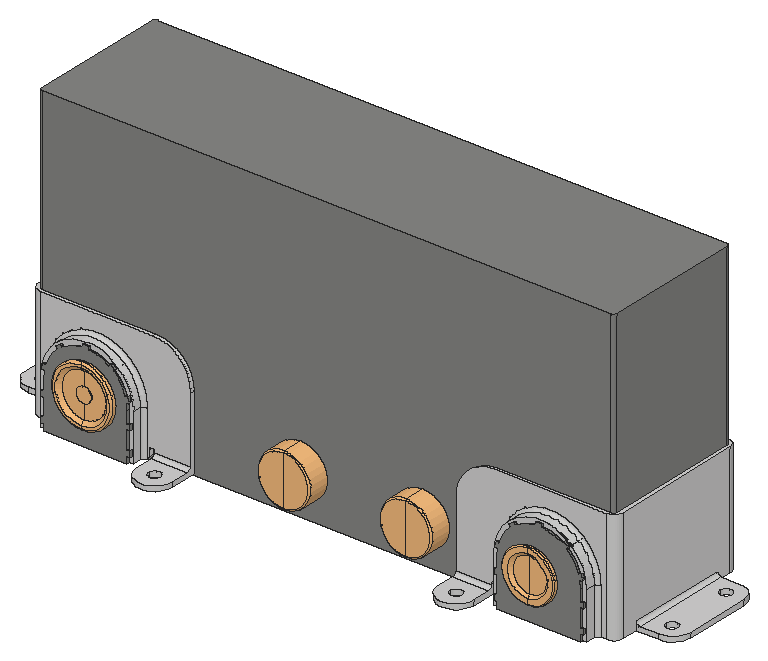
Revit family "Valve-Three_Outlet_Thermostatic-KOHLER-K-26341T_1", category Plumbing Fixtures, host Face, Revit 2017
Family settings
  Host = Face
  Round Connector Dimension = Use Diameter
  Part Type = Normal
  OmniClass Number = 23.27.31.00
  OmniClass Title = Valves
  Cut with Voids When Loaded = No
  Shared = No
  Room Calculation Point = No
Parameters (values of type "NA-Not Applicable")
  Width = 13 245/256"  # constant formula
  WaterSense Certified = 1 = 0  # no
  Waste Connection = 1 = 0  # no
  Vent Connection = 1 = 0  # no
  Tempered Water Outlet Connector Up 3 [instance] = yes
  Tempered Water Outlet Connector Up 2 [instance] = yes
  Tempered Water Outlet Connector Up1 [instance] = yes
  Tempered Water Outlet 3 = "Tempered Water Outlet 3"  # constant formula
  Tempered Water Outlet 2 = "Tempered Water Outlet 2"  # constant formula
  Tempered Water Outlet 1 = "Tempered Water Outlet 1"  # constant formula
  URL = "http://www.kohler.com.cn/"
  Type = 1
  Product Page URL = ""
  Product Name = ""
  Product Documentation Link = ""
  Pressure = 0.00 psi
  Model = "K-26341T-NA"  # constant formula
  Material = "Plastic"  # constant formula
  Master Format 2014 Name = "Control Valves"  # constant formula
  Master Format 2014 = "23 09 13.33"  # constant formula
  Manufacturer Address = "Kohler Beijing Office (100016) 36-2-03-B, No. 88, Liuxiang Road, Beijing"  # constant formula
  Manufacturer = "KOHLER Co."  # constant formula
  Length = 6 13/128"  # constant formula
  Hot Water Inlet = "Hot Water Inlet"  # constant formula
  Height = 4 113/128"  # constant formula
  HW Connection = 1 = 1  # yes
  Flow Rate = 1.75 GPM  # constant formula
  Finish = Kohler-Plastic-58-Thunder_Grey
  Environmental Product Declaration = ""
  Description = "Recessed thermostatic valve-3-outlet"  # constant formula
  Default Elevation = 42"
  Declare Label = ""
  Date Modified = "02/10/2021"  # constant formula
  Date Created = "02/10/2021"  # constant formula
  Copyright = "Copyright KOHLER Co."  # constant formula
  Contact Us = "http://www.kohler.com.cn/contact/contact-us/"
  Cold Water Inlet = "Cold Water Inlet"  # constant formula
  CW Connection = 1 = 1  # yes
  Tempered Water Outlet Connector Down 3 [instance] = not(Tempered Water Outlet Connector Up 3)  # no
  Tempered Water Outlet Connector Down 2 [instance] = not(Tempered Water Outlet Connector Up 2)  # no
  Tempered Water Outlet Connector Down 1 [instance] = not(Tempered Water Outlet Connector Up1)  # no
  Assembly Code = "D2020"
  ADA Compliant = 1 = 0  # no
Reference planes (in)
  plane 1 "Center (Front/Back)": y = 0
  plane 2: z = 0
  plane 3 "Center (Left/Right)": x = 0
  plane 4: y = 2.44094
  plane 5: y = -2.44188
  plane 6: y = 1.98819
  plane 7: y = -1.98819
  plane 8: z = 0
  plane 9: z = -5.21654
  plane 10: z = -5.11811
  plane 11: x = -6.97835
  plane 12: x = 6.97868
  plane 13: x = 4.57677
  plane 14: x = 2.01772
  plane 15: x = -4.76867
  plane 16: y = -1.51575
  plane 17: y = 1.51575
  plane 18: x = -0.54134
  plane 19: z = -6.10156
  plane 20: x = -3.15945
  plane 21: x = 3.15944
  plane 22: y = 0.70866
  plane 23: y = -0.70866
  plane 24: x = -6.60433
  plane 25: x = 6.60433
  plane 26: x = -6.13189
  plane 27: x = 6.13189
  plane 28: y = 1.59449
  plane 29: y = -1.59449
Forms (in)
  Extrusion 1, void
    sketch origin (0, 0, 0) x (1, 0, 0) y (0, 1, 0)
      loop
        line (-6.13189, 1.59449) -> (-6.13189, -1.59449) -> (6.13189, -1.59449) -> (6.13189, 1.59449) -> (-6.13189, 1.59449)
    from -6.10236 to 3.05757
  Extrusion 2, void
    sketch origin (0, 0, 0) x (1, 0, 0) y (0, 0, 1)
      loop
        line (-6.97835, -6.25784) -> (6.97835, -6.25784) -> (6.97835, -3.72047) -> (-6.97835, -3.72047) -> (-6.97835, -6.25784)
    from -2.44094 to 2.44094
Dimensions and locks (in)
  locked: plane 17 to plane 16 at 3.0315
  locked: plane 6 to plane 7 at 3.97638
  "Length": level to plane 19
  locked: plane 10 to plane 19 at 0.98345
  locked: plane 9 to plane 19 at 0.88503
  "Width": plane 11 to plane 12
  locked: plane 20 to plane 21 at 6.31889
  locked: plane 22 to plane 23 at 1.41732
  "Height": plane 4 to plane 5
  plane 20 to plane 21 = 6.31889"
  plane 22 to plane 23 = 1.41732"
  aligned and locked: plane 2 to host face
  aligned and locked: level to host face
  aligned and locked: plane 1 "Center (Front/Back)" to nested 1
  aligned and locked: plane 3 "Center (Left/Right)" to nested 1
  aligned and locked: plane 8 to nested 1
  aligned and locked: plane 19 to nested 1
Automatic sketch dimensions
  host sketch curve to host sketch curve = 96"  (x2)
  plane 16 to Extrusion 1 sketch curve = 0.07874"
  Extrusion 1 sketch curve to plane 11 = 0.84646"
  Extrusion 1 sketch curve to plane 12 = 0.8468"
  plane 17 to Extrusion 1 sketch curve = 0.07874"
  plane 11 to Extrusion 2 sketch curve = 0"
  Extrusion 2 sketch curve to plane 12 = 0.00034"
  Extrusion 2 sketch curve to plane 19 = 0.15628"
  plane 19 to Extrusion 2 sketch curve = 2.38109"
Nested families (in)
  nested 1: "K-26341T" at (0, 0, -6.10236), type "K-26341T"
Connectors (in)
  piping at (-4.76867, -1.90938, -5.11811), diameter 0.75, driven by "Flow Rate", driven by "HW Connection", driven by "Hot Water Inlet"
    settings: on nested 1, index 1, connector inside diameter 24", connector length 0", flow factor 0, pipe flow 1.75 GPM, pressure drop 0.00 psi, fitting loss kfactor 0, connector angle 0.00°, fixture units 0, engagement length 0", angle of deflection 0.00°, flow configuration 1, flow direction 1, fitting loss method 0, system type 19, joint type 0, gender type 0, connector reference index -1, connector utility 1, adjustable connector no, is connector primary yes, connector description "Hot Water Inlet"
  piping at (-4.76867, 1.90938, -5.11811), diameter 0.75, driven by "Flow Rate", driven by "CW Connection", driven by "Cold Water Inlet"
    settings: on nested 1, index 2, connector inside diameter 24", connector length 0", flow factor 0, pipe flow 1.75 GPM, pressure drop 0.00 psi, fitting loss kfactor 0, connector angle 0.00°, fixture units 0, engagement length 0", angle of deflection 0.00°, flow configuration 1, flow direction 1, fitting loss method 0, system type 20, joint type 0, gender type 0, connector reference index -1, connector utility 1, adjustable connector no, is connector primary no, connector description "Cold Water Inlet"
  piping at (-0.54134, 1.9685, -5.21654), diameter 0.5, driven by "Flow Rate", driven by "HW Connection", driven by "Tempered Water Outlet 1"
    settings: on nested 1, index 3, connector inside diameter 24", connector length 0", flow factor 0, pipe flow 1.75 GPM, pressure drop 0.00 psi, fitting loss kfactor 0, connector angle 0.00°, fixture units 0, engagement length 0", angle of deflection 0.00°, flow configuration 1, flow direction 2, fitting loss method 0, system type 19, joint type 0, gender type 0, connector reference index -1, connector utility 1, adjustable connector no, is connector primary no, connector description "Tempered Water Outlet 1"
  piping at (2.01772, 1.9685, -5.21654), diameter 0.5, driven by "Flow Rate", driven by "HW Connection", driven by "Tempered Water Outlet 2"
    settings: on nested 1, index 4, connector inside diameter 24", connector length 0", flow factor 0, pipe flow 1.75 GPM, pressure drop 0.00 psi, fitting loss kfactor 0, connector angle 0.00°, fixture units 0, engagement length 0", angle of deflection 0.00°, flow configuration 1, flow direction 2, fitting loss method 0, system type 19, joint type 0, gender type 0, connector reference index -1, connector utility 1, adjustable connector no, is connector primary no, connector description "Tempered Water Outlet 2"
  piping at (4.57677, 1.90938, -5.21654), diameter 0.5, driven by "Flow Rate", driven by "HW Connection", driven by "Tempered Water Outlet 3"
    settings: on nested 1, index 5, connector inside diameter 24", connector length 0", flow factor 0, pipe flow 1.75 GPM, pressure drop 0.00 psi, fitting loss kfactor 0, connector angle 0.00°, fixture units 0, engagement length 0", angle of deflection 0.00°, flow configuration 1, flow direction 2, fitting loss method 0, system type 19, joint type 0, gender type 0, connector reference index -1, connector utility 1, adjustable connector no, is connector primary no, connector description "Tempered Water Outlet 3"
Definition of nested family "K-26341T"
  Parameters (values of type "K-26341")
    Top Connector 3 = no
    Top Connector 2 = no
    Top Connector 1 = no
    Material = none
    Connector1 Angel = if(Top Connector 1, 0.00°, 180.00°)  # 180.00°
    Connector 3 Dist. = if(Top Connector 3, 0", 3.0315")  # 3.0315"
    Connector 3 Angle = if(Top Connector 3, 0.00°, 180.00°)  # 180.00°
    Connector 2 Dist. = if(Top Connector 2, 3.0315", 0")  # 0"
    Connector 2 Angel = if(Top Connector 2, 0.00°, 180.00°)  # 180.00°
    Connector 1 Dist. = if(Top Connector 1, 0", 3.0315")  # 3.0315"
    Bottom Connetor 3 = not(Top Connector 3)  # yes
    Bottom Connector 2 = not(Top Connector 2)  # yes
    Bottom Connector 1 = not(Top Connector 1)  # yes
  Reference planes (in)
    plane 1 "Center (Front/Back)": y = 0
    plane 2: z = 0
    plane 3 "Center (Left/Right)": x = 0
    plane 4: x = -6.97835
    plane 5: y = 2.44094
    plane 6: y = -2.44094
    plane 7: z = 6.10236
    plane 8 "2": x = 4.57677
    plane 9 "1": x = -4.76867
    plane 10: z = 0.98425
    plane 11 "A": z = 0.88583
    plane 12: y = 1.98819
    plane 13: y = -1.98819
    plane 14: x = -3.15945
    plane 15: y = 1.51575
    plane 16: y = -1.51575
    plane 17: x = 3.15944
    plane 18 "3": x = 2.01772
    plane 19: x = 6.97835
    plane 20: x = -0.54134
    plane 21 "c1": y = -1.51575
    plane 22 "C2": y = -1.51575
    plane 23 "c3": y = -1.51575
    plane 24: z = 0
    plane 25: y = 0.70866
    plane 26: y = -0.70866
    plane 27: x = -6.60433
    plane 28: x = 6.60433
    plane 29: y = 1.59449
    plane 30: y = -1.59449
    plane 31: x = -6.13189
    plane 32: x = 6.13189
  Forms (in)
    Extrusion 1, solid, material <- "Material", detail levels medium+fine
      sketch origin (0, 0, 0) x (1, 0, 0) y (0, 1, 0)
        loop
          line (5.95472, 1.51575) -> (-5.95472, 1.51575)
          arc (-5.95472, 1.51575) -> (-6.0104, 1.49269) -> (-6.03346, 1.43701) r 0.07874
          line (-6.03346, 1.43701) -> (-6.03346, -1.43701)
          arc (-6.03346, -1.43701) -> (-6.0104, -1.49269) -> (-5.95472, -1.51575) r 0.07874
          line (-5.95472, -1.51575) -> (5.95472, -1.51575)
          arc (5.95472, -1.51575) -> (6.0104, -1.49269) -> (6.03346, -1.43701) r 0.07874
          line (6.03346, -1.43701) -> (6.03346, 1.43701)
          arc (6.03346, 1.43701) -> (6.0104, 1.49269) -> (5.95472, 1.51575) r 0.07874
      from 0 to 6.10236
    Extrusion 2, solid, detail levels medium+fine
      sketch origin (0, 0, 0) x (1, 0, 0) y (0, 0, 1)
        loop
          line (-3.57283, 2.38189) -> (-6.13189, 2.38189) -> (-6.13189, 0.01969) -> (-3.70276, 0.01969)
          arc (-3.70276, 0.01969) -> (-3.66657, 0.03468) -> (-3.65157, 0.07087) r 0.05118
          line (-3.65157, 0.07087) -> (-3.65157, 0.2165)
          arc (-3.65157, 0.2165) -> (-3.59252, 0.27556) -> (-3.53346, 0.2165) r 0.05906
          line (-3.53346, 0.2165) -> (-3.53346, 0.01969) -> (-2.78543, 0.01969) -> (-2.78543, 1.59449)
          arc (-2.78543, 1.59449) -> (-3.01606, 2.15127) -> (-3.57283, 2.38189) r 0.7874
        loop
          arc (3.57283, 2.38189) -> (3.01606, 2.15127) -> (2.78543, 1.59449) r 0.7874
          line (2.78543, 1.59449) -> (2.78543, 0.01969) -> (3.53346, 0.01969) -> (3.53346, 0.2165)
          arc (3.53346, 0.2165) -> (3.59252, 0.27556) -> (3.65157, 0.2165) r 0.05906
          line (3.65157, 0.2165) -> (3.65157, 0.07087)
          arc (3.65157, 0.07087) -> (3.66657, 0.03468) -> (3.70276, 0.01969) r 0.05118
          line (3.70276, 0.01969) -> (6.13189, 0.01969) -> (6.13189, 2.38189) -> (3.57283, 2.38189)
      from -1.59449 to 1.59449
    Sweep 3, void
      path in 3D
        loop
          line (-6.13189, -1.59449, 2.38189) -> (-6.13189, -1.59449, 0.01969)
      profile origin (-6.13189, -1.59449, 1.20079) x (-1, 0, 0) y (0, -1, 0)
        loop
          line (0, -0.19685) -> (0, 0) -> (-0.19685, 0)
          arc (-0.19685, 0) -> (-0.05766, -0.05766) -> (0, -0.19685) r 0.19685
    Sweep 4, void
      path in 3D
        loop
          line (-6.13189, 1.59449, 2.38189) -> (-6.13189, 1.59449, 0.01969)
      profile origin (-6.13189, 1.59449, 1.20079) x (-1, 0, 0) y (0, -1, 0)
        loop
          arc (0, 0.19685) -> (-0.05766, 0.05766) -> (-0.19685, 0) r 0.19685
          line (-0.19685, 0) -> (0, 0) -> (0, 0.19685)
    Sweep 5, void
      path in 3D
        loop
          line (6.13189, -1.59449, 2.38189) -> (6.13189, -1.59449, 0.01969)
      profile origin (6.13189, -1.59449, 1.20079) x (1, 0, 0) y (0, 1, 0)
        loop
          arc (0, 0.19685) -> (-0.05766, 0.05766) -> (-0.19685, 0) r 0.19685
          line (-0.19685, 0) -> (0, 0) -> (0, 0.19685)
    Sweep 6, void
      path in 3D
        loop
          line (6.13189, 1.59449, 2.38189) -> (6.13189, 1.59449, 0.01969)
      profile origin (6.13189, 1.59449, 1.20079) x (1, 0, 0) y (0, 1, 0)
        loop
          line (0, -0.19685) -> (0, 0) -> (-0.19685, 0)
          arc (-0.19685, 0) -> (-0.05766, -0.05766) -> (0, -0.19685) r 0.19685
    Extrusion 7, solid, detail levels medium+fine
      sketch origin (0, 0, 0) x (1, 0, 0) y (0, 1, 0)
        loop
          line (-6.13189, 1.06299) -> (-6.60433, 1.06299)
          arc (-6.60433, 1.06299) -> (-6.8688, 0.95345) -> (-6.97835, 0.68898) r 0.37402
          line (-6.97835, 0.68898) -> (-6.97835, -0.68898)
          arc (-6.97835, -0.68898) -> (-6.8688, -0.95345) -> (-6.60433, -1.06299) r 0.37402
          line (-6.60433, -1.06299) -> (-6.13189, -1.06299) -> (-6.13189, 1.06299)
        loop
          line (6.13189, 1.06299) -> (6.13189, -1.06299) -> (6.60433, -1.06299)
          arc (6.60433, -1.06299) -> (6.8688, -0.95345) -> (6.97835, -0.68898) r 0.37402
          line (6.97835, -0.68898) -> (6.97835, 0.68898)
          arc (6.97835, 0.68898) -> (6.8688, 0.95345) -> (6.60433, 1.06299) r 0.37402
          line (6.60433, 1.06299) -> (6.13189, 1.06299)
        loop
          circle (-6.60433, 0.70866) r 0.12598
        loop
          circle (-6.60433, -0.70866) r 0.12598
        loop
          circle (6.60433, 0.70866) r 0.12598
        loop
          circle (6.60433, -0.70866) r 0.12598
        loop
          arc (-3.53346, -2.06693) -> (-3.15945, -2.44094) -> (-2.78544, -2.06693) r 0.37401
          line (-2.78544, -2.06693) -> (-2.78544, -1.59449) -> (-3.53346, -1.59449) -> (-3.53346, -2.06693)
        loop
          line (3.53346, -2.06693) -> (3.53346, -1.59449) -> (2.78544, -1.59449) -> (2.78544, -2.06693)
          arc (2.78544, -2.06693) -> (3.15945, -2.44094) -> (3.53346, -2.06693) r 0.37401
        loop
          line (-3.53346, 2.06693) -> (-3.53346, 1.59449) -> (-2.78544, 1.59449) -> (-2.78544, 2.06693)
          arc (-2.78544, 2.06693) -> (-3.15945, 2.44094) -> (-3.53346, 2.06693) r 0.37401
        loop
          arc (3.53346, 2.06693) -> (3.15945, 2.44094) -> (2.78544, 2.06693) r 0.37401
          line (2.78544, 2.06693) -> (2.78544, 1.59449) -> (3.53346, 1.59449) -> (3.53346, 2.06693)
        loop
          circle (-3.15945, -2.06693) r 0.12598
        loop
          circle (3.15945, -2.06693) r 0.12598
        loop
          circle (-3.15945, 2.06693) r 0.12598
        loop
          circle (3.15945, 2.06693) r 0.12598
      from 0.01969 to 0.11811
    Extrusion 8, solid, detail levels medium+fine
      sketch origin (1.27953, 0, 0) x (1, 0, 0) y (0, 0, 1)
        loop
          line (-5.05906, 0.01969) -> (-5.05906, 0.98689)
          arc (-5.05906, 0.98689) -> (-6.03346, 1.9613) -> (-7.00787, 0.98689) r 0.97441
          line (-7.00787, 0.98689) -> (-7.00787, 0.01969) -> (-5.05906, 0.01969)
        loop
          line (2.5, 0.99085) -> (2.5, 0.01969) -> (4.44882, 0.01969) -> (4.44882, 0.99085)
          arc (4.44882, 0.99085) -> (3.47441, 1.96526) -> (2.5, 0.99085) r 0.97441
      from -1.85039 to 1.85039
    Extrusion 9, solid, material <- "Material", detail levels medium+fine
      sketch origin (-1.27953, 0, 0) x (1, 0, 0) y (0, 0, 1)
        loop
          line (-4.35039, 0.62992) -> (-4.35039, 0.25591) -> (-4.40945, 0.25591) -> (-4.40945, 0.1378) -> (-4.35039, 0.1378) -> (-4.35039, 0) -> (-2.59843, 0) -> (-2.59843, 0.1378) -> (-2.53937, 0.1378) -> (-2.53937, 0.25591) -> (-2.59843, 0.25591) -> (-2.59843, 0.62992) -> (-2.53937, 0.62992) -> (-2.53937, 0.74803) -> (-2.59843, 0.74803) -> (-2.59843, 0.98425)
          arc (-2.59843, 0.98425) -> (-2.60185, 1.06162) -> (-2.61209, 1.13839) r 0.87598
          line (-2.61209, 1.13839) -> (-2.55467, 1.15271) -> (-2.58324, 1.26731) -> (-2.64067, 1.25299)
          arc (-2.64067, 1.25299) -> (-2.73975, 1.46135) -> (-2.88979, 1.63661) r 0.87598
          line (-2.88979, 1.63661) -> (-2.85335, 1.68324) -> (-2.94643, 1.75596) -> (-2.98286, 1.70932)
          arc (-2.98286, 1.70932) -> (-3.18922, 1.81251) -> (-3.41535, 1.85824) r 0.87598
          line (-3.41535, 1.85824) -> (-3.41535, 1.91742) -> (-3.53346, 1.91742) -> (-3.53346, 1.85824)
          arc (-3.53346, 1.85824) -> (-3.7596, 1.81251) -> (-3.96596, 1.70932) r 0.87598
          line (-3.96596, 1.70932) -> (-4.00239, 1.75596) -> (-4.09546, 1.68324) -> (-4.05903, 1.63661)
          arc (-4.05903, 1.63661) -> (-4.20907, 1.46135) -> (-4.30815, 1.25299) r 0.87598
          line (-4.30815, 1.25299) -> (-4.36558, 1.26731) -> (-4.39415, 1.15271) -> (-4.33673, 1.13839)
          arc (-4.33673, 1.13839) -> (-4.34697, 1.06162) -> (-4.35039, 0.98425) r 0.87598
          line (-4.35039, 0.98425) -> (-4.35039, 0.74803) -> (-4.40945, 0.74803) -> (-4.40945, 0.62992) -> (-4.35039, 0.62992)
        loop
          line (5.15748, 0.62992) -> (5.15748, 0.25591) -> (5.09843, 0.25591) -> (5.09843, 0.1378) -> (5.15748, 0.1378) -> (5.15748, 0) -> (6.90945, 0) -> (6.90945, 0.1378) -> (6.9685, 0.1378) -> (6.9685, 0.25591) -> (6.90945, 0.25591) -> (6.90945, 0.62992) -> (6.9685, 0.62992) -> (6.9685, 0.74803) -> (6.90945, 0.74803) -> (6.90945, 0.98425)
          arc (6.90945, 0.98425) -> (6.90603, 1.06162) -> (6.89578, 1.13839) r 0.87598
          line (6.89578, 1.13839) -> (6.9532, 1.15271) -> (6.92463, 1.26731) -> (6.86721, 1.25299)
          arc (6.86721, 1.25299) -> (6.76813, 1.46135) -> (6.61808, 1.63661) r 0.87598
          line (6.61808, 1.63661) -> (6.65452, 1.68324) -> (6.56145, 1.75596) -> (6.52501, 1.70932)
          arc (6.52501, 1.70932) -> (6.31866, 1.81251) -> (6.09252, 1.85824) r 0.87598
          line (6.09252, 1.85824) -> (6.09252, 1.91742) -> (5.97441, 1.91742) -> (5.97441, 1.85824)
          arc (5.97441, 1.85824) -> (5.74827, 1.81251) -> (5.54192, 1.70932) r 0.87598
          line (5.54192, 1.70932) -> (5.50548, 1.75596) -> (5.41241, 1.68324) -> (5.44885, 1.63661)
          arc (5.44885, 1.63661) -> (5.2988, 1.46135) -> (5.19972, 1.25299) r 0.87598
          line (5.19972, 1.25299) -> (5.1423, 1.26731) -> (5.11372, 1.15271) -> (5.17115, 1.13839)
          arc (5.17115, 1.13839) -> (5.1609, 1.06162) -> (5.15748, 0.98425) r 0.87598
          line (5.15748, 0.98425) -> (5.15748, 0.74803) -> (5.09843, 0.74803) -> (5.09843, 0.62992) -> (5.15748, 0.62992)
        loop
          circle (-3.48914, 0.98425) r 0.54335
        loop
          circle (5.8563, 0.88583) r 0.41841
      from -1.92913 to 1.88976
    Revolve 10, solid, detail levels medium+fine
      sketch origin (-4.76867, 0, 0) x (0, 0, 1) y (0, -1, 0)
        loop
          line (1.5276, -1.98819) -> (1.58464, -1.98819) -> (1.62406, -1.94877) -> (1.62406, -1.51575) -> (0.98425, -1.51575) -> (0.98425, -1.90938) -> (1.44879, -1.90938) -> (1.5276, -1.98819)
        loop
          line (1.5276, 1.98819) -> (1.44879, 1.90938) -> (0.98425, 1.90938) -> (0.98425, 1.51575) -> (1.62406, 1.51575) -> (1.62406, 1.94877) -> (1.58464, 1.98819) -> (1.5276, 1.98819)
        axis (0.98425, -1.98819) -> (0.98425, 1.98819)
      angle from 0 to 360
    Revolve 11, solid, detail levels medium+fine
      sketch origin (4.57677, 0, 0) x (0, 0, -1) y (0, -1, 0)
        loop
          line (-1.43701, 1.94331) -> (-1.43701, 1.61417) -> (-0.88583, 1.61417) -> (-0.88583, 1.90938) -> (-1.24512, 1.90938) -> (-1.30424, 1.9685) -> (-1.41732, 1.9685) -> (-1.43701, 1.94331)
        loop
          line (-1.43701, -1.94331) -> (-1.41732, -1.9685) -> (-1.30424, -1.9685) -> (-1.24512, -1.90938) -> (-0.88583, -1.90938) -> (-0.88583, -1.61417) -> (-1.43701, -1.61417) -> (-1.43701, -1.94331)
        axis (-0.88583, 1.9685) -> (-0.88583, -1.9685)
      angle from 0 to 360
    Sweep 12, solid, detail levels medium+fine
      path in 3D
        loop
          line (3.77953, 1.59449, 0.01969) -> (3.77953, 1.59449, 0.99085)
          arc (3.77953, 1.59449, 0.99085) -> (4.75394, 1.59449, 1.96526) -> (5.72835, 1.59449, 0.99085) r 0.97441
          line (5.72835, 1.59449, 0.99085) -> (5.72835, 1.59449, 0.01969)
      profile origin (3.77953, 1.59449, 0.50527) x (0, 1, 0) y (-1, 0, 0)
        loop
          arc (0.07874, 0) -> (0.02306, 0.02306) -> (0, 0.07874) r 0.07874
          line (0, 0.07874) -> (0, 0) -> (0.07874, 0)
    Sweep 13, solid, detail levels medium+fine
      path in 3D
        loop
          line (-5.72835, -1.59449, 0.01969) -> (-5.72835, -1.59449, 0.99085)
          arc (-5.72835, -1.59449, 0.99085) -> (-4.75394, -1.59449, 1.96526) -> (-3.77953, -1.59449, 0.99085) r 0.97441
          line (-3.77953, -1.59449, 0.99085) -> (-3.77953, -1.59449, 0.01969)
      profile origin (-5.72835, -1.59449, 0.50527) x (0, 1, 0) y (-1, 0, 0)
        loop
          line (-0.07874, 0) -> (0, 0) -> (0, 0.07874)
          arc (0, 0.07874) -> (-0.02306, 0.02306) -> (-0.07874, 0) r 0.07874
    Sweep 14, solid, detail levels medium+fine
      path in 3D
        loop
          line (-5.72835, 1.59449, 0.01969) -> (-5.72835, 1.59449, 0.99085)
          arc (-5.72835, 1.59449, 0.99085) -> (-4.75394, 1.59449, 1.96526) -> (-3.77953, 1.59449, 0.99085) r 0.97441
          line (-3.77953, 1.59449, 0.99085) -> (-3.77953, 1.59449, 0.01969)
      profile origin (-5.72835, 1.59449, 0.50527) x (0, 1, 0) y (-1, 0, 0)
        loop
          arc (0.07874, 0) -> (0.02306, 0.02306) -> (0, 0.07874) r 0.07874
          line (0, 0.07874) -> (0, 0) -> (0.07874, 0)
    Extrusion 15, solid, detail levels medium+fine
      sketch origin (0, 0, 0) x (0, 1, 0) y (0, 0, 1)
        loop
          line (-1.67323, 0.11811) -> (-1.59449, 0.11811) -> (-1.59449, 0.19685)
          arc (-1.59449, 0.19685) -> (-1.61755, 0.14117) -> (-1.67323, 0.11811) r 0.07874
        loop
          arc (1.67323, 0.11811) -> (1.61755, 0.14117) -> (1.59449, 0.19685) r 0.07874
          line (1.59449, 0.19685) -> (1.59449, 0.11811) -> (1.67323, 0.11811)
      from 2.78543 to 3.53346
    Extrusion 16, solid, detail levels medium+fine
      sketch origin (0, 0, 0) x (0, 1, 0) y (0, 0, 1)
        loop
          line (-1.67323, 0.11811) -> (-1.59449, 0.11811) -> (-1.59449, 0.19685)
          arc (-1.59449, 0.19685) -> (-1.61755, 0.14117) -> (-1.67323, 0.11811) r 0.07874
        loop
          arc (1.67323, 0.11811) -> (1.61755, 0.14117) -> (1.59449, 0.19685) r 0.07874
          line (1.59449, 0.19685) -> (1.59449, 0.11811) -> (1.67323, 0.11811)
      from -3.53346 to -2.78543
    Extrusion 17, solid, material <- "Material", detail levels coarse
      sketch origin (0, 0, 0) x (1, 0, 0) y (0, 1, 0)
        loop
          line (6.03346, 1.51575) -> (-6.03346, 1.51575) -> (-6.03346, -1.51575) -> (6.03346, -1.51575) -> (6.03346, 1.51575)
      from 0 to 6.10236
    Extrusion 18, solid, material <- "Material", detail levels coarse
      sketch origin (-1.27953, 0, 0) x (1, 0, 0) y (0, 0, 1)
        loop
          line (-2.59843, 0) -> (-2.59843, 0.9897)
          arc (-2.59843, 0.9897) -> (-3.47441, 1.86569) -> (-4.35039, 0.9897) r 0.87598
          line (-4.35039, 0.9897) -> (-4.35039, 0) -> (-2.59843, 0)
        loop
          line (6.90945, 0) -> (6.90945, 0.9897)
          arc (6.90945, 0.9897) -> (6.03346, 1.86569) -> (5.15748, 0.9897) r 0.87598
          line (5.15748, 0.9897) -> (5.15748, 0) -> (6.90945, 0)
      from -1.92913 to 1.88976
    Extrusion 19, solid, detail levels coarse
      sketch origin (0, 0, 0) x (1, 0, 0) y (0, 1, 0)
        loop
          line (6.13189, 1.59449) -> (2.78543, 1.59449) -> (2.78543, 1.51575) -> (6.03346, 1.51575) -> (6.03346, -1.51575) -> (2.78543, -1.51575) -> (2.78543, -1.59449) -> (6.13189, -1.59449) -> (6.13189, 1.59449)
        loop
          line (-6.13189, 1.59449) -> (-6.13189, -1.59449) -> (-2.78543, -1.59449) -> (-2.78543, -1.51575) -> (-6.03346, -1.51575) -> (-6.03346, 1.51575) -> (-2.78543, 1.51575) -> (-2.78543, 1.59449) -> (-6.13189, 1.59449)
      from 0 to 2.38189
    Extrusion 20, solid, detail levels coarse
      sketch origin (0, 0, 0) x (1, 0, 0) y (0, 1, 0)
        loop
          line (-6.97835, -1.06299) -> (-6.13189, -1.06299) -> (-6.13189, 1.06299) -> (-6.97835, 1.06299) -> (-6.97835, -1.06299)
        loop
          line (-3.53346, 1.59449) -> (-2.78542, 1.59449) -> (-2.78542, 2.44094) -> (-3.53346, 2.44094) -> (-3.53346, 1.59449)
        loop
          line (2.78544, 1.59449) -> (3.53346, 1.59449) -> (3.53346, 2.44094) -> (2.78544, 2.44094) -> (2.78544, 1.59449)
        loop
          line (-3.53346, -1.59449) -> (-3.53346, -2.44094) -> (-2.78542, -2.44094) -> (-2.78542, -1.59449) -> (-3.53346, -1.59449)
        loop
          line (2.78544, -1.59449) -> (2.78544, -2.44094) -> (3.53346, -2.44094) -> (3.53346, -1.59449) -> (2.78544, -1.59449)
        loop
          line (6.97835, -1.06299) -> (6.97835, 1.06299) -> (6.13189, 1.06299) -> (6.13189, -1.06299) -> (6.97835, -1.06299)
        loop
          circle (-6.60433, 0.70866) r 0.12598
        loop
          circle (-6.60433, -0.70866) r 0.12598
        loop
          circle (-3.15944, 2.06693) r 0.12598
        loop
          circle (3.15946, 2.06693) r 0.12598
        loop
          circle (6.60433, 0.70866) r 0.12598
        loop
          circle (6.60433, -0.70866) r 0.12598
        loop
          circle (-3.15944, -2.06693) r 0.12598
        loop
          circle (3.15946, -2.06693) r 0.12598
      from 0.01969 to 0.11811
    Extrusion 21, solid, detail levels medium+fine
      sketch origin (-1.27953, 0, 0) x (1, 0, 0) y (0, 0, 1)
        loop
          circle (-3.48914, 0.98425) r 0.15748
      from -1.90938 to 1.90938
    Extrusion 22, solid, detail levels coarse
      sketch origin (1.27953, 0, 0) x (1, 0, 0) y (0, 0, 1)
        loop
          circle (-6.0482, 0.98425) r 0.63981
        loop
          circle (3.29724, 0.88583) r 0.55118
      from -1.98819 to 1.98819
    Extrusion 23, solid, detail levels medium+fine
      sketch origin (0, 0, 0) x (1, 0, 0) y (0, 0, 1)
        loop
          line (-6.13189, 0.11811) -> (-6.13189, 0.19685)
          arc (-6.13189, 0.19685) -> (-6.15495, 0.14117) -> (-6.21063, 0.11811) r 0.07874
          line (-6.21063, 0.11811) -> (-6.13189, 0.11811)
        loop
          line (6.13189, 0.11811) -> (6.21063, 0.11811)
          arc (6.21063, 0.11811) -> (6.15495, 0.14117) -> (6.13189, 0.19685) r 0.07874
          line (6.13189, 0.19685) -> (6.13189, 0.11811)
      from -1.06299 to 1.06299
    Revolve 24, solid, detail levels medium+fine
      sketch origin (2.01772, 0, 0) x (0, 0, -1) y (0, -1, 0)
        loop
          line (-0.88583, 1.9685) -> (-1.40868, 1.9685) -> (-1.43701, 1.94018) -> (-1.43701, 1.51575) -> (-0.88583, 1.51575) -> (-0.88583, 1.9685)
        loop
          line (-0.88583, -1.9685) -> (-0.88583, -1.51575) -> (-1.43701, -1.51575) -> (-1.43701, -1.94018) -> (-1.40868, -1.9685) -> (-0.88583, -1.9685)
        axis (-0.88583, 1.9685) -> (-0.88583, -1.9685)
      angle from 0 to 360
    Sweep 25, solid, detail levels medium+fine
      path in 3D
        loop
          line (3.77953, -1.59449, 0.01969) -> (3.77953, -1.59449, 0.99085)
          arc (3.77953, -1.59449, 0.99085) -> (4.75394, -1.59449, 1.96526) -> (5.72835, -1.59449, 0.99085) r 0.97441
          line (5.72835, -1.59449, 0.99085) -> (5.72835, -1.59449, 0.01969)
      profile origin (3.77953, -1.59449, 0.50527) x (0, 1, 0) y (-1, 0, 0)
        loop
          line (-0.07874, 0) -> (0, 0) -> (0, 0.07874)
          arc (0, 0.07874) -> (-0.02306, 0.02306) -> (-0.07874, 0) r 0.07874
    Extrusion 26, solid, detail levels coarse
      sketch origin (0, 0, 0) x (1, 0, 0) y (0, 0, 1)
        loop
          circle (2.01772, 0.88583) r 0.55118
        loop
          circle (-0.54134, 0.88583) r 0.55118
      from -1.9685 to 1.9685
    Revolve 27, solid, detail levels medium+fine
      sketch origin (-0.54134, 0, 0) x (0, 0, -1) y (0, -1, 0)
        loop
          line (-0.88583, 1.9685) -> (-1.40868, 1.9685) -> (-1.43701, 1.94018) -> (-1.43701, 1.51575) -> (-0.88583, 1.51575) -> (-0.88583, 1.9685)
        loop
          line (-0.88583, -1.9685) -> (-0.88583, -1.51575) -> (-1.43701, -1.51575) -> (-1.43701, -1.94018) -> (-1.40868, -1.9685) -> (-0.88583, -1.9685)
        axis (-0.88583, 1.9685) -> (-0.88583, -1.9685)
      angle from 0 to 360
    Revolve 28, solid, detail levels medium+fine
      sketch origin (-0.54134, -2.69685, 0.88583) x (0, 1, 0) y (-1, 0, 0)
        loop
          line (0.72835, 0) -> (0.72835, -0.15748) -> (0.98013, -0.15748) -> (0.98013, 0) -> (0.72835, 0)
        axis (0.72835, 0) -> (0.98013, 0)
      angle from 0 to 360
    Revolve 29, solid, detail levels medium+fine
      sketch origin (2.01772, -2.8937, 0.88583) x (0, 1, 0) y (-1, 0, 0)
        loop
          line (0.9252, 0) -> (1.29589, 0) -> (1.29589, 0.15748) -> (0.9252, 0.15748) -> (0.9252, 0)
        axis (0.9252, 0) -> (1.29589, 0)
      angle from 0 to 360
    Revolve 30, solid, detail levels medium+fine
      sketch origin (4.57677, -2.15014, 0.88583) x (0, 1, 0) y (-1, 0, 0)
        loop
          line (0.24076, 0) -> (0.63446, 0) -> (0.63446, 0.15748) -> (0.24076, 0.15748) -> (0.24076, 0)
        axis (0.24076, 0) -> (0.63446, 0)
      angle from 0 to 360
  Cuts and joins
    joined: Extrusion 1, Extrusion 9
    joined: Revolve 10, Revolve 11, Revolve 24
    joined: Sweep 12, Sweep 13, Sweep 14
    Sweep 3, Sweep 4, Sweep 5, Sweep 6 cuts Extrusion 2
    joined: Extrusion 2, Extrusion 7, Extrusion 8, Extrusion 15, Extrusion 16, Extrusion 23
    joined: Extrusion 17, Extrusion 18
    joined: Extrusion 19, Extrusion 20
    joined: Extrusion 22, Extrusion 26
  Lines and regions (in)
    Masking region 1
      outline origin (0, 0, 0) x (1, 0, 0) y (0, 1, 0)
        loop
          line (-6.13189, 1.39764) -> (-6.13189, 0.16732) -> (-6.13189, -1.39764)
          arc (-6.13189, -1.39764) -> (-6.07423, -1.53683) -> (-5.93504, -1.59449) r 0.19685
          line (-5.93504, -1.59449) -> (0, -1.59449) -> (5.93504, -1.59449)
          arc (5.93504, -1.59449) -> (6.07423, -1.53683) -> (6.13189, -1.39764) r 0.19685
          line (6.13189, -1.39764) -> (6.13189, 0.09836) -> (6.13189, 1.39764)
          arc (6.13189, 1.39764) -> (6.07423, 1.53683) -> (5.93504, 1.59449) r 0.19685
          line (5.93504, 1.59449) -> (0, 1.59449) -> (-5.93504, 1.59449)
          arc (-5.93504, 1.59449) -> (-6.07423, 1.53683) -> (-6.13189, 1.39764) r 0.19685
    Masking region 2, detail levels medium+fine
      outline origin (0, 0, 0) x (1, 0, 0) y (0, 0, 1)
        loop
          line (-6.03346, 6.10236) -> (-6.03346, 2.38189) -> (-6.13189, 2.38189) -> (-6.13189, 0.19685)
          arc (-6.13189, 0.19685) -> (-6.15495, 0.14117) -> (-6.21063, 0.11811) r 0.07874
          line (-6.21063, 0.11811) -> (-6.97835, 0.11811) -> (-6.97835, 0.01969) -> (-6.05959, 0.01969) -> (-6.03346, 0) -> (6.03346, 0) -> (6.05959, 0.01969) -> (6.97835, 0.01969) -> (6.97835, 0.11811) -> (6.21063, 0.11811)
          arc (6.21063, 0.11811) -> (6.15495, 0.14117) -> (6.13189, 0.19685) r 0.07874
          line (6.13189, 0.19685) -> (6.13189, 2.38189) -> (6.03346, 2.38189) -> (6.03346, 6.10236) -> (-6.03346, 6.10236)
    Masking region 3
      outline origin (4.57677, 0, 0) x (0, 0, -1) y (0, -1, 0)
        loop
          line (-6.10236, -1.51575) -> (-2.38189, -1.51575) -> (-2.38189, -1.59449) -> (-2.044, -1.59449)
          arc (-2.044, -1.59449) -> (-1.98832, -1.61755) -> (-1.96526, -1.67323) r 0.07874
          line (-1.96526, -1.67323) -> (-1.96526, -1.85039) -> (-1.91742, -1.85039) -> (-1.91742, -1.92913) -> (-1.64369, -1.92913) -> (-1.58464, -1.98819) -> (-0.38387, -1.98819) -> (-0.35433, -1.9685) -> (-0.32357, -1.92913) -> (-0.11811, -1.92913) -> (-0.11811, -2.44094) -> (-0.01969, -2.44094) -> (-0.01969, -1.95526) -> (0, -1.92913) -> (0, 1.92913) -> (-0.01969, 1.95526) -> (-0.01969, 2.44094) -> (-0.11811, 2.44094) -> (-0.11811, 1.88976) -> (-0.33465, 1.88976) -> (-0.33465, 1.94331) -> (-0.38387, 1.98819) -> (-1.58464, 1.98819) -> (-1.62406, 1.94877) -> (-1.62406, 1.88976) -> (-1.91742, 1.88976) -> (-1.91742, 1.85039) -> (-1.96526, 1.85039) -> (-1.96526, 1.67323)
          arc (-1.96526, 1.67323) -> (-1.98832, 1.61755) -> (-2.044, 1.59449) r 0.07874
          line (-2.044, 1.59449) -> (-2.38189, 1.59449) -> (-2.38189, 1.51575) -> (-6.10236, 1.51575) -> (-6.10236, -1.51575)
    sketch lines
      curve 1: line (-6.13189, -1.59449, 2.38189) -> (-6.13189, -1.59449, 0.01969)
      curve 2: line (-6.13189, 1.59449, 2.38189) -> (-6.13189, 1.59449, 0.01969)
      curve 3: line (6.13189, -1.59449, 2.38189) -> (6.13189, -1.59449, 0.01969)
      curve 4: line (6.13189, 1.59449, 2.38189) -> (6.13189, 1.59449, 0.01969)
      curve 5: line (3.77953, 1.59449, 0.01969) -> (3.77953, 1.59449, 0.99085)
      curve 6: arc (5.72835, 1.59449, 0.99085) -> (4.75394, 1.59449, 1.96526) -> (3.77953, 1.59449, 0.99085) r 0.97441
      curve 7: line (5.72835, 1.59449, 0.99085) -> (5.72835, 1.59449, 0.01969)
      curve 8: line (-5.72835, -1.59449, 0.01969) -> (-5.72835, -1.59449, 0.99085)
      curve 9: arc (-3.77953, -1.59449, 0.99085) -> (-4.75394, -1.59449, 1.96526) -> (-5.72835, -1.59449, 0.99085) r 0.97441
      curve 10: line (-3.77953, -1.59449, 0.99085) -> (-3.77953, -1.59449, 0.01969)
      curve 11: line (-5.72835, 1.59449, 0.01969) -> (-5.72835, 1.59449, 0.99085)
      curve 12: arc (-3.77953, 1.59449, 0.99085) -> (-4.75394, 1.59449, 1.96526) -> (-5.72835, 1.59449, 0.99085) r 0.97441
      curve 13: line (-3.77953, 1.59449, 0.99085) -> (-3.77953, 1.59449, 0.01969)
      curve 201: line (3.77953, -1.59449, 0.01969) -> (3.77953, -1.59449, 0.99085)
      curve 202: arc (5.72835, -1.59449, 0.99085) -> (4.75394, -1.59449, 1.96526) -> (3.77953, -1.59449, 0.99085) r 0.97441
      curve 203: line (5.72835, -1.59449, 0.99085) -> (5.72835, -1.59449, 0.01969)
    symbolic lines, detail levels medium+fine
      curve 14: line (5.95472, 1.51575, 0) -> (-5.95472, 1.51575, 0)
      curve 15: arc (-5.95472, 1.51575, 0) -> (-6.0104, 1.49269, 0) -> (-6.03346, 1.43701, 0) r 0.07874
      curve 16: line (-6.03346, 1.43701, 0) -> (-6.03346, -1.43701, 0)
      curve 17: line (-5.95472, -1.51575, 0) -> (5.95472, -1.51575, 0)
      curve 18: arc (-6.03346, -1.43701, 0) -> (-6.0104, -1.49269, 0) -> (-5.95472, -1.51575, 0) r 0.07874
      curve 19: line (6.03346, -1.43701, 0) -> (6.03346, 1.43701, 0)
      curve 20: arc (6.03346, 1.43701, 0) -> (6.0104, 1.49269, 0) -> (5.95472, 1.51575, 0) r 0.07874
      curve 21: line (-3.57283, 0, 2.38189) -> (-6.13189, 0, 2.38189)
      curve 22: arc (-2.78543, 0, 1.59449) -> (-3.01606, 0, 2.15127) -> (-3.57283, 0, 2.38189) r 0.7874
      curve 23: line (-2.78543, 0, 0.01969) -> (-2.78543, 0, 1.59449)
      curve 24: arc (-3.65157, 0, 0.2165) -> (-3.59252, 0, 0.27556) -> (-3.53346, 0, 0.2165) r 0.05906
      curve 25: line (-3.53346, 0, 0.2165) -> (-3.53346, 0, 0.01969)
      curve 26: line (-3.65157, 0, 0.07087) -> (-3.65157, 0, 0.2165)
      curve 27: arc (-3.70276, 0, 0.01969) -> (-3.66657, 0, 0.03468) -> (-3.65157, 0, 0.07087) r 0.05118
      curve 28: line (-3.53346, 0, 0.01969) -> (-2.78543, 0, 0.01969)
      curve 29: line (-2.78543, 0, 0.11811) -> (-3.53346, 0, 0.11811)
      curve 30: line (-3.70276, 0, 0.01969) -> (-3.87795, 0, 0.01969)
      curve 31: line (-5.62992, 0, 0.01969) -> (-6.45504, 0, 0.01969)
      curve 32: arc (-4.76867, 0, 0.51971) -> (-5.23321, 0, 0.98425) -> (-4.76867, 0, 1.44879) r 0.46454
      curve 33: arc (-4.76867, 0, 0.4409) -> (-5.31202, 0, 0.98425) -> (-4.76867, 0, 1.5276) r 0.54335
      curve 34: arc (-4.76867, 0, 1.58464) -> (-5.36905, 0, 0.98425) -> (-4.76867, 0, 0.38387) r 0.60038
      curve 35: arc (-4.76867, 0, 1.62406) -> (-5.40848, 0, 0.98425) -> (-4.76867, 0, 0.34445) r 0.63981
      curve 36: arc (-4.76867, 0, 0.34445) -> (-4.12886, 0, 0.98425) -> (-4.76867, 0, 1.62406) r 0.63981
      curve 37: arc (-4.76867, 0, 0.38387) -> (-4.16829, 0, 0.98425) -> (-4.76867, 0, 1.58464) r 0.60038
      curve 38: arc (-4.76867, 0, 1.5276) -> (-4.22532, 0, 0.98425) -> (-4.76867, 0, 0.4409) r 0.54335
      curve 39: arc (-4.76867, 0, 1.44879) -> (-4.30413, 0, 0.98425) -> (-4.76867, 0, 0.51971) r 0.46454
      curve 40: line (-5.62992, 0, 0.1378) -> (-5.62992, 0, 0)
      curve 41: line (-5.68898, 0, 0.1378) -> (-5.62992, 0, 0.1378)
      curve 42: line (-5.68898, 0, 0.25591) -> (-5.68898, 0, 0.1378)
      curve 43: line (-5.62992, 0, 0.25591) -> (-5.68898, 0, 0.25591)
      curve 44: line (-5.62992, 0, 0.62992) -> (-5.62992, 0, 0.25591)
      curve 45: line (-5.68898, 0, 0.62992) -> (-5.62992, 0, 0.62992)
      curve 46: line (-5.68898, 0, 0.74803) -> (-5.68898, 0, 0.62992)
      curve 47: line (-5.62992, 0, 0.74803) -> (-5.68898, 0, 0.74803)
      curve 48: line (-5.62992, 0, 0.98425) -> (-5.62992, 0, 0.74803)
      curve 49: arc (-5.61625, 0, 1.13839) -> (-5.6265, 0, 1.06162) -> (-5.62992, 0, 0.98425) r 0.87598
      curve 50: line (-5.6451, 0, 1.26731) -> (-5.67368, 0, 1.15271)
      curve 51: line (-5.58768, 0, 1.25299) -> (-5.6451, 0, 1.26731)
      curve 52: line (-5.67368, 0, 1.15271) -> (-5.61625, 0, 1.13839)
      curve 53: arc (-5.33856, 0, 1.63661) -> (-5.4886, 0, 1.46135) -> (-5.58768, 0, 1.25299) r 0.87598
      curve 54: line (-5.37499, 0, 1.68324) -> (-5.33856, 0, 1.63661)
      curve 55: line (-5.28192, 0, 1.75596) -> (-5.37499, 0, 1.68324)
      curve 56: line (-5.24548, 0, 1.70932) -> (-5.28192, 0, 1.75596)
      curve 57: arc (-4.81299, 0, 1.85824) -> (-5.03913, 0, 1.81251) -> (-5.24548, 0, 1.70932) r 0.87598
      curve 58: line (-4.81299, 0, 1.91742) -> (-4.81299, 0, 1.85824)
      curve 59: line (-4.69488, 0, 1.91742) -> (-4.81299, 0, 1.91742)
      curve 60: line (-4.69488, 0, 1.85824) -> (-4.69488, 0, 1.91742)
      curve 61: arc (-4.26239, 0, 1.70932) -> (-4.46874, 0, 1.81251) -> (-4.69488, 0, 1.85824) r 0.87598
      curve 62: line (-4.13288, 0, 1.68324) -> (-4.22595, 0, 1.75596)
      curve 63: line (-4.22595, 0, 1.75596) -> (-4.26239, 0, 1.70932)
      curve 64: line (-4.16932, 0, 1.63661) -> (-4.13288, 0, 1.68324)
      curve 65: arc (-3.92019, 0, 1.25299) -> (-4.01927, 0, 1.46135) -> (-4.16932, 0, 1.63661) r 0.87598
      curve 66: line (-3.89162, 0, 1.13839) -> (-3.8342, 0, 1.15271)
      curve 67: line (-3.8342, 0, 1.15271) -> (-3.86277, 0, 1.26731)
      curve 68: line (-3.86277, 0, 1.26731) -> (-3.92019, 0, 1.25299)
      curve 69: arc (-3.87795, 0, 0.98425) -> (-3.88138, 0, 1.06162) -> (-3.89162, 0, 1.13839) r 0.87598
      curve 70: line (-5.72835, 0, 0.98689) -> (-5.72835, 0, 0.01969)
      curve 71: line (-5.80709, 0, 0.99085) -> (-5.80709, 0, 0.01969)
      curve 72: arc (-5.80709, 0, 0.99085) -> (-4.75394, 0, 2.044) -> (-3.70079, 0, 0.99085) r 1.05315
      curve 73: arc (-3.77953, 0, 0.98689) -> (-4.75394, 0, 1.9613) -> (-5.72835, 0, 0.98689) r 0.97441
      curve 74: line (-6.13189, 0, 2.38189) -> (-6.13189, 0, 0.01969)
      curve 75: line (-3.87795, 0, 0.1378) -> (-3.87795, 0, 0)
      curve 76: line (-3.8189, 0, 0.1378) -> (-3.87795, 0, 0.1378)
      curve 77: line (-3.8189, 0, 0.25591) -> (-3.8189, 0, 0.1378)
      curve 78: line (-3.87795, 0, 0.25591) -> (-3.8189, 0, 0.25591)
      curve 79: line (-3.87795, 0, 0.62992) -> (-3.87795, 0, 0.25591)
      curve 80: line (-3.8189, 0, 0.62992) -> (-3.87795, 0, 0.62992)
      curve 81: line (-3.8189, 0, 0.74803) -> (-3.8189, 0, 0.62992)
      curve 82: line (-3.87795, 0, 0.74803) -> (-3.8189, 0, 0.74803)
      curve 83: line (-3.87795, 0, 0.98425) -> (-3.87795, 0, 0.74803)
      curve 84: line (-3.77953, 0, 0.98689) -> (-3.77953, 0, 0.01969)
      curve 85: line (-3.70079, 0, 0.99085) -> (-3.70079, 0, 0.01972)
      curve 86: line (3.57283, 0, 2.38189) -> (6.13189, 0, 2.38189)
      curve 87: arc (2.78543, 0, 1.59449) -> (3.01606, 0, 2.15127) -> (3.57283, 0, 2.38189) r 0.7874
      curve 88: line (2.78543, 0, 0.01969) -> (2.78543, 0, 1.59449)
      curve 89: arc (3.65157, 0, 0.2165) -> (3.59252, 0, 0.27556) -> (3.53346, 0, 0.2165) r 0.05906
      curve 90: line (3.53346, 0, 0.2165) -> (3.53346, 0, 0.01969)
      curve 91: line (3.65157, 0, 0.07087) -> (3.65157, 0, 0.2165)
      curve 92: arc (3.70276, 0, 0.01969) -> (3.66657, 0, 0.03468) -> (3.65157, 0, 0.07087) r 0.05118
      curve 93: line (3.53346, 0, 0.01969) -> (2.78543, 0, 0.01969)
      curve 94: line (2.78543, 0, 0.11811) -> (3.53346, 0, 0.11811)
      curve 95: line (3.70276, 0, 0.01969) -> (3.87795, 0, 0.01969)
      curve 96: line (5.62992, 0, 0.01969) -> (6.45504, 0, 0.01969)
      curve 97: line (5.62992, 0, 0.1378) -> (5.62992, 0, 0)
      curve 98: line (5.68898, 0, 0.1378) -> (5.62992, 0, 0.1378)
      curve 99: line (5.68898, 0, 0.25591) -> (5.68898, 0, 0.1378)
      curve 100: line (5.62992, 0, 0.25591) -> (5.68898, 0, 0.25591)
      curve 101: line (5.62992, 0, 0.62992) -> (5.62992, 0, 0.25591)
      curve 102: line (5.68898, 0, 0.62992) -> (5.62992, 0, 0.62992)
      curve 103: line (5.68898, 0, 0.74803) -> (5.68898, 0, 0.62992)
      curve 104: line (5.62992, 0, 0.74803) -> (5.68898, 0, 0.74803)
      curve 105: line (5.62992, 0, 0.98425) -> (5.62992, 0, 0.74803)
      curve 106: arc (5.61625, 0, 1.13839) -> (5.6265, 0, 1.06162) -> (5.62992, 0, 0.98425) r 0.87598
      curve 107: line (5.6451, 0, 1.26731) -> (5.67368, 0, 1.15271)
      curve 108: line (5.58768, 0, 1.25299) -> (5.6451, 0, 1.26731)
      curve 109: line (5.67368, 0, 1.15271) -> (5.61625, 0, 1.13839)
      curve 110: arc (5.33856, 0, 1.63661) -> (5.4886, 0, 1.46135) -> (5.58768, 0, 1.25299) r 0.87598
      curve 111: line (5.37499, 0, 1.68324) -> (5.33856, 0, 1.63661)
      curve 112: line (5.28192, 0, 1.75596) -> (5.37499, 0, 1.68324)
      curve 113: line (5.24548, 0, 1.70932) -> (5.28192, 0, 1.75596)
      curve 114: arc (4.81299, 0, 1.85824) -> (5.03913, 0, 1.81251) -> (5.24548, 0, 1.70932) r 0.87598
      curve 115: line (4.81299, 0, 1.91742) -> (4.81299, 0, 1.85824)
      curve 116: line (4.69488, 0, 1.91742) -> (4.81299, 0, 1.91742)
      curve 117: line (4.69488, 0, 1.85824) -> (4.69488, 0, 1.91742)
      curve 118: arc (4.26239, 0, 1.70932) -> (4.46874, 0, 1.81251) -> (4.69488, 0, 1.85824) r 0.87598
      curve 119: line (4.13288, 0, 1.68324) -> (4.22595, 0, 1.75596)
      curve 120: line (4.22595, 0, 1.75596) -> (4.26239, 0, 1.70932)
      curve 121: line (4.16932, 0, 1.63661) -> (4.13288, 0, 1.68324)
      curve 122: arc (3.92019, 0, 1.25299) -> (4.01927, 0, 1.46135) -> (4.16932, 0, 1.63661) r 0.87598
      curve 123: line (3.89162, 0, 1.13839) -> (3.8342, 0, 1.15271)
      curve 124: line (3.8342, 0, 1.15271) -> (3.86277, 0, 1.26731)
      curve 125: line (3.86277, 0, 1.26731) -> (3.92019, 0, 1.25299)
      curve 126: arc (3.87795, 0, 0.98425) -> (3.88138, 0, 1.06162) -> (3.89162, 0, 1.13839) r 0.87598
      curve 127: line (5.72835, 0, 0.98689) -> (5.72835, 0, 0.01969)
      curve 128: line (5.80709, 0, 0.99085) -> (5.80709, 0, 0.01969)
      curve 129: arc (5.80709, 0, 0.99085) -> (4.75394, 0, 2.044) -> (3.70079, 0, 0.99085) r 1.05315
      curve 130: arc (3.77953, 0, 0.98689) -> (4.75394, 0, 1.9613) -> (5.72835, 0, 0.98689) r 0.97441
      curve 131: line (6.13189, 0, 2.38189) -> (6.13189, 0, 0.01969)
      curve 132: line (3.87795, 0, 0.1378) -> (3.87795, 0, 0)
      curve 133: line (3.8189, 0, 0.1378) -> (3.87795, 0, 0.1378)
      curve 134: line (3.8189, 0, 0.25591) -> (3.8189, 0, 0.1378)
      curve 135: line (3.87795, 0, 0.25591) -> (3.8189, 0, 0.25591)
      curve 136: line (3.87795, 0, 0.62992) -> (3.87795, 0, 0.25591)
      curve 137: line (3.8189, 0, 0.62992) -> (3.87795, 0, 0.62992)
      curve 138: line (3.8189, 0, 0.74803) -> (3.8189, 0, 0.62992)
      curve 139: line (3.87795, 0, 0.74803) -> (3.8189, 0, 0.74803)
      curve 140: line (3.87795, 0, 0.98425) -> (3.87795, 0, 0.74803)
      curve 141: line (3.77953, 0, 0.98689) -> (3.77953, 0, 0.01969)
      curve 142: line (3.70079, 0, 0.99085) -> (3.70079, 0, 0.01972)
      curve 143: arc (4.57677, 0, 1.43701) -> (5.12795, 0, 0.88583) -> (4.57677, 0, 0.33465) r 0.55118
      curve 144: arc (4.57677, 0, 0.35433) -> (5.10827, 0, 0.88583) -> (4.57677, 0, 1.41732) r 0.5315
      curve 145: arc (4.57677, 0, 0.46741) -> (4.99519, 0, 0.88583) -> (4.57677, 0, 1.30424) r 0.41841
      curve 146: arc (4.57677, 0, 0.52654) -> (4.93606, 0, 0.88583) -> (4.57677, 0, 1.24512) r 0.35929
      curve 147: arc (4.57677, 0, 1.24512) -> (4.21748, 0, 0.88583) -> (4.57677, 0, 0.52654) r 0.35929
      curve 148: arc (4.57677, 0, 1.30424) -> (4.15836, 0, 0.88583) -> (4.57677, 0, 0.46741) r 0.41841
      curve 149: arc (4.57677, 0, 1.41732) -> (4.04528, 0, 0.88583) -> (4.57677, 0, 0.35433) r 0.5315
      curve 150: arc (4.57677, 0, 0.33465) -> (4.02559, 0, 0.88583) -> (4.57677, 0, 1.43701) r 0.55118
      curve 151: line (-6.03346, 0, 5.72835) -> (6.03346, 0, 5.72835)
      curve 152: line (4.57677, 1.59449, 2.38189) -> (4.57677, -1.59449, 2.38189)
      curve 153: line (4.57677, 1.06299, 0.01969) -> (4.57677, 1.06299, 0.15778)
      curve 154: line (4.57677, 1.06299, 0.11811) -> (4.57677, -1.06299, 0.11811)
      curve 155: line (4.57677, -1.06299, 0.01969) -> (4.57677, -1.06299, 0.15945)
      curve 156: line (4.57677, 1.59449, 2.38189) -> (4.57677, 1.59449, 0.01969)
      curve 157: line (4.57677, 1.85039, 0.01969) -> (4.57677, 1.85039, 1.96526)
      curve 158: line (4.57677, 1.92913, 1.91742) -> (4.57677, 1.92913, 0)
      curve 159: line (4.57677, 1.85039, 0.01969) -> (4.57677, 0, 0.01969)
      curve 160: line (4.57677, 1.51575, 0) -> (4.57677, 1.54386, 0.01969)
      curve 161: line (4.57677, 1.92913, 0.1378) -> (4.57677, 1.85039, 0.1378)
      curve 162: line (4.57677, 1.92913, 0.25591) -> (4.57677, 1.85039, 0.25591)
      curve 163: line (4.57677, 1.92913, 0.62992) -> (4.57677, 1.85039, 0.62992)
      curve 164: line (4.57677, 1.92913, 0.74803) -> (4.57677, 1.85039, 0.74803)
      curve 165: line (4.57677, 1.92913, 1.13839) -> (4.57677, 1.85039, 1.13839)
      curve 166: line (4.57677, 1.92913, 1.15271) -> (4.57677, 1.85039, 1.15271)
      curve 167: line (4.57677, 1.92913, 1.26731) -> (4.57677, 1.85039, 1.26731)
      curve 168: line (4.57677, 1.92913, 1.63661) -> (4.57677, 1.85039, 1.63661)
      curve 169: line (4.57677, 1.92913, 1.68324) -> (4.57677, 1.85039, 1.68324)
      curve 170: line (4.57677, 1.92913, 1.75596) -> (4.57677, 1.85039, 1.75596)
      curve 171: line (4.57677, 1.94877, 1.62406) -> (4.57677, 1.94877, 0.33891)
      curve 172: line (4.57677, 1.94877, 0.34445) -> (4.57677, 1.98819, 0.38387)
      curve 173: line (4.57677, 1.51575, 5.84152) -> (4.57677, -1.51575, 5.84152)
      curve 174: line (4.57677, 2.10942, 0.01969) -> (4.57677, 1.92913, 0.01969)
      curve 175: line (4.57677, -1.59449, 2.38189) -> (4.57677, -1.59449, 0.01969)
      curve 176: line (4.57677, -1.85039, 0.01969) -> (4.57677, -1.85039, 1.96526)
      curve 177: line (4.57677, -1.88976, 1.91742) -> (4.57677, -1.88976, 0)
      curve 178: line (4.57677, -1.85039, 0.01969) -> (4.57677, 0, 0.01969)
      curve 179: line (4.57677, -1.51575, 0) -> (4.57677, -1.54386, 0.01969)
      curve 180: line (4.57677, -1.88976, 0.1378) -> (4.57677, -1.85039, 0.1378)
      curve 181: line (4.57677, -1.88976, 0.25591) -> (4.57677, -1.85039, 0.25591)
      curve 182: line (4.57677, -1.88976, 0.62992) -> (4.57677, -1.85039, 0.62992)
      curve 183: line (4.57677, -1.88976, 0.74803) -> (4.57677, -1.85039, 0.74803)
      curve 184: line (4.57677, -1.88976, 1.13839) -> (4.57677, -1.85039, 1.13839)
      curve 185: line (4.57677, -1.88976, 1.15271) -> (4.57677, -1.85039, 1.15271)
      curve 186: line (4.57677, -1.88976, 1.26731) -> (4.57677, -1.85039, 1.26731)
      curve 187: line (4.57677, -1.88976, 1.63661) -> (4.57677, -1.85039, 1.63661)
      curve 188: line (4.57677, -1.88976, 1.68324) -> (4.57677, -1.85039, 1.68324)
      curve 189: line (4.57677, -1.88976, 1.75596) -> (4.57677, -1.85039, 1.75596)
      curve 190: line (4.57677, -1.94877, 1.62406) -> (4.57677, -1.94877, 0.34445)
      curve 191: line (4.57677, -1.94877, 0.34445) -> (4.57677, -1.98819, 0.38387)
      curve 192: line (4.57677, -2.10942, 0.01969) -> (4.57677, -1.88976, 0.01969)
      curve 193: line (4.57677, -1.94877, 0.34445) -> (4.57677, -1.88976, 0.34445)
      curve 204: arc (2.01772, 0, 1.43701) -> (2.5689, 0, 0.88583) -> (2.01772, 0, 0.33465) r 0.55118
      curve 205: arc (2.01772, 0, 1.40868) -> (2.54057, 0, 0.88583) -> (2.01772, 0, 0.36297) r 0.52285
      curve 206: arc (2.01772, 0, 0.36297) -> (1.49486, 0, 0.88583) -> (2.01772, 0, 1.40868) r 0.52285
      curve 207: arc (2.01772, 0, 0.33465) -> (1.46654, 0, 0.88583) -> (2.01772, 0, 1.43701) r 0.55118
      curve 208: line (4.57677, 1.18686, 0.01969) -> (4.57677, 1.18686, 0.15778)
      curve 209: arc (4.57677, 1.18686, 0.15778) -> (4.57677, 1.12492, 0.21972) -> (4.57677, 1.06299, 0.15778) r 0.06193
      curve 210: line (4.57677, -1.18928, 0.01969) -> (4.57677, -1.18928, 0.15945)
      curve 211: arc (4.57677, -1.06299, 0.15945) -> (4.57677, -1.12614, 0.22259) -> (4.57677, -1.18928, 0.15945) r 0.06314
      curve 212: arc (-0.54134, 0, 1.43701) -> (0.00984, 0, 0.88583) -> (-0.54134, 0, 0.33465) r 0.55118
      curve 213: arc (-0.54134, 0, 1.40868) -> (-0.01848, 0, 0.88583) -> (-0.54134, 0, 0.36297) r 0.52285
      curve 214: arc (-0.54134, 0, 0.36297) -> (-1.06419, 0, 0.88583) -> (-0.54134, 0, 1.40868) r 0.52285
      curve 215: arc (-0.54134, 0, 0.33465) -> (-1.09252, 0, 0.88583) -> (-0.54134, 0, 1.43701) r 0.55118
      curve 219: arc (6.03346, -1.43701, 0) -> (6.0104, -1.49269, 0) -> (5.95472, -1.51575, 0) r 0.07874
    symbolic lines, detail levels coarse
      curve 194: line (-1.08118, 0, 4.88187) -> (1.08417, 0, 3.70077)
      curve 195: line (-1.08118, 0, 3.70077) -> (-1.08118, 0, 4.88187)
      curve 196: line (1.08417, 0, 4.88187) -> (-1.08118, 0, 3.70077)
      curve 197: line (1.08417, 0, 4.88187) -> (1.08417, 0, 3.70077)
      curve 198: line (0.00149, 0, 4.29132) -> (0.00149, 0, 3.2256)
      curve 199: line (-1.09837, 0, 3.2256) -> (1.06699, 0, 3.2256)
      curve 200: arc (-1.09837, 0, 3.2256) -> (-0.01569, 0, 2.46103) -> (1.06699, 0, 3.2256) r 1.14885
    reference lines
      curve 216: line (-0.54134, -2.69685, 0.88583) -> (-0.54134, -1.51575, 0.88583)
      curve 217: line (2.01772, -2.8937, 0.88583) -> (2.01772, -1.51575, 0.88583)
      curve 218: line (4.57677, -2.64063, 0.88583) -> (4.57677, -1.51575, 0.88583)
  Dimensions and locks (in)
    plane 7 to level = 6.10236"
    plane 5 to plane 6 = 4.88187"
    plane 12 to plane 13 = 3.97638"
    plane 15 to plane 16 = 3.0315"
    "Connector 1 Dist.": plane 21 "c1" to plane 15
    locked: Revolve 28 sketch curve to Revolve 28 sketch curve at 0.25179
    "Connector 2 Dist.": plane 22 "C2" to plane 16
    locked: Revolve 29 sketch curve to Revolve 29 sketch curve at 0.37069
    "Connector 3 Dist.": plane 23 "c3" to plane 15
    locked: Revolve 30 sketch curve to Revolve 30 sketch curve at 0.3937
    "Connector1 Angel": angle curve 216 to plane 20
    "Connector 2 Angel": angle curve 217 to plane 18 "3"
    "Connector 3 Angle": angle curve 218 to plane 8 "2"
    aligned and locked: plane 2 to level
    aligned and locked: plane 21 "c1" to curve 216
    aligned and locked: curve 216 to Revolve 28 sketch curve
    aligned and locked: Revolve 28 sketch curve to Revolve 28 sketch curve
    aligned and locked: plane 22 "C2" to curve 217
    aligned and locked: curve 217 to Revolve 29 sketch curve
    aligned and locked: Revolve 29 sketch curve to Revolve 29 sketch curve
    aligned and locked: plane 23 "c3" to curve 218
    aligned and locked: curve 218 to Revolve 30 sketch curve
    aligned and locked: Revolve 30 sketch curve to Revolve 30 sketch curve
  Automatic sketch dimensions
    curve 32 to curve 33 = 0"  (x2)
    curve 32 to curve 34 = 0"  (x2)
    curve 32 to curve 35 = 0"  (x2)
    curve 32 to curve 36 = 0"  (x2)
    curve 32 to curve 37 = 0"  (x2)
    curve 32 to curve 38 = 0"  (x2)
    curve 32 to curve 39 = 0"  (x2)
    curve 33 to curve 34 = 0"  (x2)
    curve 33 to curve 35 = 0"  (x2)
    curve 33 to curve 36 = 0"  (x2)
    curve 33 to curve 37 = 0"  (x2)
    curve 33 to curve 38 = 0"  (x2)
    curve 33 to curve 39 = 0"  (x2)
    curve 34 to curve 35 = 0"  (x2)
    curve 34 to curve 36 = 0"  (x2)
    curve 34 to curve 37 = 0"  (x2)
    curve 34 to curve 38 = 0"  (x2)
    curve 34 to curve 39 = 0"  (x2)
    curve 35 to curve 36 = 0"  (x2)
    curve 35 to curve 37 = 0"  (x2)
    curve 35 to curve 38 = 0"  (x2)
    curve 35 to curve 39 = 0"  (x2)
    curve 36 to curve 37 = 0"  (x2)
    curve 36 to curve 38 = 0"  (x2)
    curve 36 to curve 39 = 0"  (x2)
    curve 37 to curve 38 = 0"  (x2)
    curve 37 to curve 39 = 0"  (x2)
    curve 38 to curve 39 = 0"  (x2)
    curve 49 to curve 53 = 0"  (x2)
    curve 49 to curve 57 = 0"  (x2)
    curve 49 to curve 61 = 0"  (x2)
    curve 49 to curve 65 = 0"  (x2)
    curve 49 to curve 69 = 0"  (x2)
    curve 53 to curve 57 = 0"  (x2)
    curve 53 to curve 61 = 0"  (x2)
    curve 53 to curve 65 = 0"  (x2)
    curve 53 to curve 69 = 0"  (x2)
    curve 57 to curve 61 = 0"  (x2)
    curve 57 to curve 65 = 0"  (x2)
    curve 57 to curve 69 = 0"  (x2)
    curve 61 to curve 65 = 0"  (x2)
    curve 61 to curve 69 = 0"  (x2)
    curve 65 to curve 69 = 0"  (x2)
    curve 106 to curve 110 = 0"  (x2)
    curve 106 to curve 114 = 0"  (x2)
    curve 106 to curve 118 = 0"  (x2)
    curve 106 to curve 122 = 0"  (x2)
    curve 106 to curve 126 = 0"  (x2)
    curve 110 to curve 114 = 0"  (x2)
    curve 110 to curve 118 = 0"  (x2)
    curve 110 to curve 122 = 0"  (x2)
    curve 110 to curve 126 = 0"  (x2)
    curve 114 to curve 118 = 0"  (x2)
    curve 114 to curve 122 = 0"  (x2)
    curve 114 to curve 126 = 0"  (x2)
    curve 118 to curve 122 = 0"  (x2)
    curve 118 to curve 126 = 0"  (x2)
    curve 122 to curve 126 = 0"  (x2)
    curve 143 to curve 144 = 0"  (x2)
